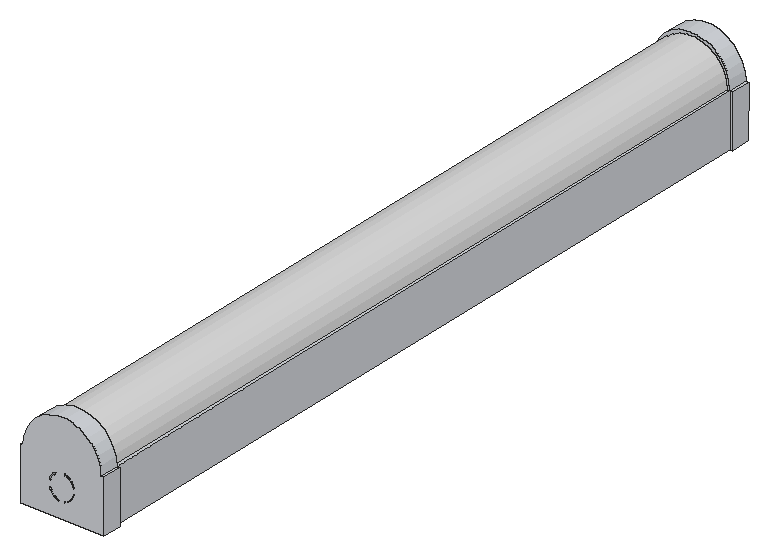
Revit family "WayLine_672", category Lighting Fixtures, host Face, Revit 2017
Family settings
  Host = Face
  Round Connector Dimension = Use Diameter
  Part Type = Normal
  OmniClass Number = 23.80.70.00
  OmniClass Title = Lighting
  Cut with Voids When Loaded = No
  Light Source = Yes
  Shared = No
  Room Calculation Point = No
Parameters (values of type "0048951 WAYLINE 600 MWCOR 1200LM 840")
  Weight = "9.9 kg"
  Wattage Comments = ""
  Wattage = 10 W
  WarrantyStartDate [instance] = "n/a"
  WarrantyGuarantorParts = "n/a"
  WarrantyDurationUnit = "n/a"
  WarrantyDurationParts = "n/a"
  WarrantyDescription = "n/a"
  WIDTH/2_SYL = 35 mm
  built-in parameter 1150110 = 1 (stored number, unit not read)
  Voltage = 0 V
  URL = "http://www.sylvania-lighting.com"
  TypeName = "Wayline 600 MWCOR 1200lm 840"
  Type Image = <None>
  Type Comments = "n/a"
  built-in parameter 1114217 = 1 (stored number, unit not read)
  Tilt Angle = -90.00°
  built-in parameter 1150109 = 1 (stored number, unit not read)
  built-in parameter 1150134 = 12
  built-in parameter 1150113 = 1 (stored number, unit not read)
  SerialNumber [instance] = "n/a"
  R_HEIGHT_SYL = 44 mm
  Photometric Web File = "0048951.ies"
  Material_3_SYL = none
  PowerFactor = 0.9
  PowerConsumption = "10 W"
  NominalLength = 672 mm
  NominalHeight = 76.5 mm
  NominalDepth = 70 mm
  Name = "Wayline 600 MWCOR 1200lm 840"
  ModelReference = Name  # "Wayline 600 MWCOR 1200lm 840"
  ModelNumber = "48951"
  Model = Name  # "Wayline 600 MWCOR 1200lm 840"
  Material = "steel housing, pc polycarbonate diffuser"
  ManufacturerName = "Feilo Sylvania"
  Manufacturer = "Feilo Sylvania"
  LuminousEfficacy = "120 lm/W"
  built-in parameter 1150105 = -372924 (stored number, unit not read)
  Lumens = 1200 lm
  LuminaireType = ""
  built-in parameter 1150115 = 1 (stored number, unit not read)
  LightOutputRatio = "n/a"
  built-in parameter 1150137 = (empty or 0)
  built-in parameter 1150139 = (empty or 0)
  LampsType = Lamp  # "LED"
  LampNominalLuminous = "1200 lm"
  LampMacAdamStep = "5"
  LampColourTemperature = "4000 K"
  LampColourRenderingIndex = "80"
  built-in parameter 1150112 = 1 (stored number, unit not read)
  built-in parameter 1150114 = 1 (stored number, unit not read)
  Lamp = "LED"
  LUM_R_SYL = 30 mm
  Keynote = "16500"
  InstallationDate [instance] = "n/a"
  InputVoltage = "n/a"
  InputNominalFrequency = "n/a"
  built-in parameter 1150132 = (empty or 0)
  built-in parameter 1150102 = (empty or 0)
  built-in parameter 1150107 = 4000 (stored number, unit not read)
  built-in parameter 1150138 = (empty or 0)
  IngressProtection = "IP20"
  ImpactProtectionIndex = "IK08"
  built-in parameter 1150106 = -3729.2 (stored number, unit not read)
  IfcExportType = "IfcLightFixtureType"
  IfcExportAs = "IfcLightFixtureType"
  HOLE_HEIGHT_SYL = 24 mm
  HEIGHT_SYL = 76.5 mm
  GAP_SYL = 2.5 mm
  Emit from Circle Diameter = 609.6 mm
  Emit Shape Visible in Rendering = no
  ElectricShockClassification = "Class I"
  built-in parameter 1150104 = 11.148 (stored number, unit not read)
  DocumentationLiterature = "http://www.sylvania-lighting.com/product/en-int/products/0048951"
  DimmingControlOptions = "n/a"
  Material_2_SYL = none
  Dimming Lamp Color Temperature Shift = <None>
  Description = "LED batten, T8 replacement, ease of installation through 2 part push-in design of the housing (safety cable included), through wiring capability, steel housing, 1200lm, 10W, 120lm/W, 4000K, CRI80, 3 step MacAdam ellipse, symmetric wide beam angle, Class I, 90000 hrs L80B20 lifespan, non-dimmable driver, corridor function with microwave presence sensor, IK08, IP20, 672 x 70 x 76.5mm  (L x W x H) dimensions, 1.1kg."
  Default Elevation = 1219.2 mm
  CreatedOn = "5/25/2021"
  CreatedBy = "@sylvania-lighting.com"
  Cost = 0
  Color Filter = 16777215
  built-in parameter 1114216 [instance] = (empty or 0)
  ClassificationValue = "EF_70_80"
  ClassificationName = "Uniclass2015"
  Material_1_SYL = Dynamo
  BarCode [instance] = "n/a"
  built-in parameter 1114218 = 1 (stored number, unit not read)
  built-in parameter 1150133 = 10 (stored number, unit not read)
  AssetType = "Fixed"
  AssetIdentifier [instance] = "n/a"
  Assembly Code = "D5020200"
  Apparent Load = 10 VA
  Material_4_SYL = none
Types (6, lengths in mm): name | Weight | Wattage | TypeName | Photometric Web File | PowerConsumption | Name | ModelReference | ModelNumber | Model | LuminousEfficacy | built-in parameter 1150105 | Lumens | LampNominalLuminous | built-in parameter 1150106 | built-in parameter 1150104 | DocumentationLiterature | Description | Apparent Load
  0048951 WAYLINE 600 MWCOR 1200LM 840 | "9.9 kg" | 10 W | "Wayline 600 MWCOR 1200lm 840" | "0048951.ies" | "10 W" | "Wayline 600 MWCOR 1200lm 840" | "Wayline 600 MWCOR 1200lm 840" | "48951" | "Wayline 600 MWCOR 1200lm 840" | "120 lm/W" | -372924 (stored number, unit not read) | 1200 lm | "1200 lm" | -3729.2 (stored number, unit not read) | 11.148 (stored number, unit not read) | "http://www.sylvania-lighting.com/product/en-int/products/0048951" | "LED batten, T8 replacement, ease of installation through 2 part push-in design of the housing (safety cable included), through wiring capability, steel housing, 1200lm, 10W, 120lm/W, 4000K, CRI80, 3 step MacAdam ellipse, symmetric wide beam angle, Class I, 90000 hrs L80B20 lifespan, non-dimmable driver, corridor function with microwave presence sensor, IK08, IP20, 672 x 70 x 76.5mm  (L x W x H) dimensions, 1.1kg." | 10 VA
  0048950 WAYLINE 600 MW 2900LM 840 | "8.28 kg" | 22 W | "Wayline 600 MW 2900lm 840" | "0048950.ies" | "22 W" | "Wayline 600 MW 2900lm 840" | "Wayline 600 MW 2900lm 840" | "48950" | "Wayline 600 MW 2900lm 840" | "132 lm/W" | -2183053 (stored number, unit not read) | 2904 lm | "2900 lm" | -21830.5 (stored number, unit not read) | 12.263 (stored number, unit not read) | "http://www.sylvania-lighting.com/product/en-int/products/0048950" | "LED batten, T8 replacement, ease of installation through 2 part push-in design of the housing (safety cable included), through wiring capability, steel housing, 2900lm, 22W, 132lm/W, 4000K, CRI80, 3 step MacAdam ellipse, symmetric wide beam angle, Class I, 90000 hrs L80B20 lifespan, non-dimmable driver, MW sensor for 360° detection up to 8m range at 6m mounting height, IK08, IP20, 672 x 70 x 76.5mm (LxWxD) dimensions, 0.92kg weight." | 22 VA
  0048949 WAYLINE 600 MW 1200LM 840 | "7.83 kg" | 10 W | "Wayline 600 MW 1200lm 840" | "0048949.ies" | "10 W" | "Wayline 600 MW 1200lm 840" | "Wayline 600 MW 1200lm 840" | "48949" | "Wayline 600 MW 1200lm 840" | "120 lm/W" | -372924 (stored number, unit not read) | 1200 lm | "1200 lm" | -3729.2 (stored number, unit not read) | 11.148 (stored number, unit not read) | "http://www.sylvania-lighting.com/product/en-int/products/0048949" | "LED batten, T8 replacement, ease of installation through 2 part push-in design of the housing (safety cable included), through wiring capability, steel housing, 1200lm, 10W, 120lm/W, 4000K, CRI80, 3 step MacAdam ellipse, symmetric wide beam angle, Class I, 90000 hrs L80B20 lifespan, non-dimmable driver, MW sensor for 360° detection up to 8m range at 6m mounting height, IK08, IP20, 672 x 70 x 76.5mm (LxWxD) dimensions, 0.87kg weight." | 10 VA
  0048923 WAYLINE 600 DALI 2600LM 840 | "9.27 kg" | 19 W | "Wayline 600 DALI 2600lm 840" | "0048923.ies" | "19 W" | "Wayline 600 DALI 2600lm 840" | "Wayline 600 DALI 2600lm 840" | "48923" | "Wayline 600 DALI 2600lm 840" | "137 lm/W" | -1754343.9 (stored number, unit not read) | 2603 lm | "2600 lm" | -17543.4 (stored number, unit not read) | 12.728 (stored number, unit not read) | "http://www.sylvania-lighting.com/product/en-int/products/0048923" | "LED batten, T8 replacement, ease of installation through 2 part push-in design of the housing (safety cable included), through wiring capability, steel housing, 2600lm, 19W, 137lm/W, 4000K, CRI80, 3 step MacAdam ellipse, symmetric wide beam angle, Class I, 90000 hrs L80B20 lifespan, DALI dimmable driver, IK08, IP20, 672 x 70 x 76.5mm (LxWxD) dimensions, 1.03kg weight." | 19 VA
  0048922 WAYLINE 600 DALI 1200LM 840 | "9.27 kg" | 9 W | "Wayline 600 DALI 1200lm 840" | "0048922.ies" | "9 W" | "Wayline 600 DALI 1200lm 840" | "Wayline 600 DALI 1200lm 840" | "48922" | "Wayline 600 DALI 1200lm 840" | "133 lm/W" | -371991.7 (stored number, unit not read) | 1197 lm | "1200 lm" | -3719.9 (stored number, unit not read) | 12.356 (stored number, unit not read) | "http://www.sylvania-lighting.com/product/en-int/products/0048922" | "LED batten, T8 replacement, ease of installation through 2 part push-in design of the housing (safety cable included), through wiring capability, steel housing, 1200lm, 9W, 133lm/W, 4000K, CRI80, 3 step MacAdam ellipse, symmetric wide beam angle, Class I, 90000 hrs L80B20 lifespan, DALI dimmable driver, IK08, IP20, 672 x 70 x 76.5mm (LxWxD) dimensions, 1.03kg weight." | 9 VA
  0048952 WAYLINE 600 MWCOR 2600LM 840 | "9.9 kg" | 20 W | "Wayline 600 MWCOR 2600lm 840" | "0048952.ies" | "20 W" | "Wayline 600 MWCOR 2600lm 840" | "Wayline 600 MWCOR 2600lm 840" | "48952" | "Wayline 600 MWCOR 2600lm 840" | "130 lm/W" | -1752322 (stored number, unit not read) | 2600 lm | "2600 lm" | -17523.2 (stored number, unit not read) | 12.077 (stored number, unit not read) | "http://www.sylvania-lighting.com/product/en-int/products/0048952" | "LED batten, T8 replacement, ease of installation through 2 part push-in design of the housing (safety cable included), through wiring capability, steel housing, 2600lm, 20W, 130lm/W, 4000K, CRI80, 3 step MacAdam ellipse, symmetric wide beam angle, Class I, 90000 hrs L80B20 lifespan, non-dimmable driver, corridor function with microwave presence sensor, IK08, IP20, 672 x 70 x 76.5mm  (L x W x H) dimensions, 1.1kg." | 20 VA
Reference planes
  plane 1 "Center (Front/Back)": y = 0
  plane 2: z = 0
  plane 3 "Center (Left/Right)": x = 0
  plane 4: z = 76.5
  plane 5: x = -35
  plane 6: x = 35
  plane 7: z = 44
  plane 8: x = -32.5
  plane 9: x = 32.5
  plane 10: z = 24
  plane 11: x = 2.5
  plane 12: x = -2.5
  plane 13: z = 26.5
  plane 14: z = 21.5
  plane 15: z = 74
Forms (mm)
  Extrusion 1, solid
    sketch origin (0, 0, 0) x (1, 0, 0) y (0, 0, 1)
      loop
        arc (32.5, 44) -> (0, 76.5) -> (-32.5, 44) r 32.5
        line (-32.5, 44) -> (-35, 44) -> (-35, 0) -> (35, 0) -> (35, 44) -> (32.5, 44)
      loop
        line (2.5, 34.712) -> (2.5, 33.682)
        arc (2.5, 33.682) -> (7.071, 31.071) -> (9.682, 26.5) r 10
        line (9.682, 26.5) -> (10.712, 26.5)
        arc (10.712, 26.5) -> (7.778, 31.778) -> (2.5, 34.712) r 11
      loop
        line (-2.5, 33.682) -> (-2.5, 34.712)
        arc (-2.5, 34.712) -> (-7.778, 31.778) -> (-10.712, 26.5) r 11
        line (-10.712, 26.5) -> (-9.682, 26.5)
        arc (-9.682, 26.5) -> (-7.071, 31.071) -> (-2.5, 33.682) r 10
      loop
        line (-9.682, 21.5) -> (-10.712, 21.5)
        arc (-10.712, 21.5) -> (-7.778, 16.222) -> (-2.5, 13.288) r 11
        line (-2.5, 13.288) -> (-2.5, 14.318)
        arc (-2.5, 14.318) -> (-7.071, 16.929) -> (-9.682, 21.5) r 10
      loop
        line (2.5, 14.318) -> (2.5, 13.288)
        arc (2.5, 13.288) -> (7.778, 16.222) -> (10.712, 21.5) r 11
        line (10.712, 21.5) -> (9.682, 21.5)
        arc (9.682, 21.5) -> (7.071, 16.929) -> (2.5, 14.318) r 10
    from 320 to 336
  Extrusion 2, solid, material "Dynamo" <- "Material_1_SYL"
    sketch origin (0, 0, 0) x (1, 0, 0) y (0, 0, 1)
      loop
        line (-30, 44) -> (30, 44)
        arc (30, 44) -> (0, 74) -> (-30, 44) r 30
    from -320 to 320
  Extrusion 3, solid
    sketch origin (0, 0, 0) x (1, 0, 0) y (0, 0, 1)
      loop
        line (-32.5, 44) -> (-32.5, 0) -> (32.5, 0) -> (32.5, 44) -> (-32.5, 44)
    from -320 to 320
  Extrusion 4, solid
    sketch origin (0, 0, 0) x (1, 0, 0) y (0, 0, -1)
      loop
        line (32.5, -44) -> (35, -44) -> (35, 0) -> (-35, 0) -> (-35, -44) -> (-32.5, -44)
        arc (-32.5, -44) -> (0, -76.5) -> (32.5, -44) r 32.5
      loop
        arc (2.5, -34.712) -> (7.778, -31.778) -> (10.712, -26.5) r 11
        line (10.712, -26.5) -> (9.682, -26.5)
        arc (9.682, -26.5) -> (7.071, -31.071) -> (2.5, -33.682) r 10
        line (2.5, -33.682) -> (2.5, -34.712)
      loop
        arc (-2.5, -33.682) -> (-7.071, -31.071) -> (-9.682, -26.5) r 10
        line (-9.682, -26.5) -> (-10.712, -26.5)
        arc (-10.712, -26.5) -> (-7.778, -31.778) -> (-2.5, -34.712) r 11
        line (-2.5, -34.712) -> (-2.5, -33.682)
      loop
        arc (-9.682, -21.5) -> (-7.071, -16.929) -> (-2.5, -14.318) r 10
        line (-2.5, -14.318) -> (-2.5, -13.288)
        arc (-2.5, -13.288) -> (-7.778, -16.222) -> (-10.712, -21.5) r 11
        line (-10.712, -21.5) -> (-9.682, -21.5)
      loop
        arc (2.5, -14.318) -> (7.071, -16.929) -> (9.682, -21.5) r 10
        line (9.682, -21.5) -> (10.712, -21.5)
        arc (10.712, -21.5) -> (7.778, -16.222) -> (2.5, -13.288) r 11
        line (2.5, -13.288) -> (2.5, -14.318)
    from 320 to 336
Dimensions and locks
  "HEIGHT_SYL": plane 4 to host face
  "WIDTH/2_SYL": plane 6 to plane 3 "Center (Left/Right)" to plane 5
  "R_HEIGHT_SYL": plane 7 to host face
  "GAP_SYL": plane 8 to plane 5
  "GAP_SYL": plane 6 to plane 9
  "HOLE_HEIGHT_SYL": plane 10 to host face
  "GAP_SYL": plane 13 to plane 10 to plane 14
  "GAP_SYL": plane 11 to plane 3 "Center (Left/Right)" to plane 12
  "LUM_R_SYL": plane 15 to plane 7
  aligned and locked: plane 2 to host face
  aligned and locked: level to host face
Automatic sketch dimensions
  host sketch curve to host sketch curve = 2438.4 mm  (x2)
  Extrusion 1 sketch curve to Extrusion 1 sketch curve = 0 mm  (x58)
  Extrusion 1 sketch curve to level = 0 mm
  Extrusion 1 sketch curve to plane 5 = 0 mm
  Extrusion 1 sketch curve to plane 7 = 0 mm
  Extrusion 1 sketch curve to plane 8 = 0 mm
  Extrusion 1 sketch curve to plane 13 = 0 mm  (x2)
  Extrusion 1 sketch curve to plane 14 = 0 mm  (x2)
  Extrusion 1 sketch curve to plane 12 = 0 mm  (x2)
  Extrusion 1 sketch curve to plane 3 "Center (Left/Right)" = 0 mm  (x2)
  Extrusion 1 sketch curve to plane 11 = 0 mm  (x2)
  Extrusion 1 sketch curve to plane 6 = 0 mm
  Extrusion 1 sketch curve to plane 10 = 0 mm
  Extrusion 1 sketch curve to plane 12 = 8.212 mm
  Extrusion 1 sketch curve to Extrusion 1 sketch curve = 1.03 mm  (x4)
  plane 11 to Extrusion 1 sketch curve = 7.182 mm
  Extrusion 2 sketch curve to plane 7 = 0 mm
  Extrusion 2 sketch curve to plane 3 "Center (Left/Right)" = 0 mm
  plane 8 to Extrusion 2 sketch curve = 2.5 mm
  Extrusion 3 sketch curve to level = 0 mm
  Extrusion 3 sketch curve to plane 8 = 0 mm
  Extrusion 3 sketch curve to plane 9 = 0 mm
  Extrusion 3 sketch curve to plane 7 = 0 mm
  Extrusion 4 sketch curve to Extrusion 4 sketch curve = 0 mm  (x58)
  Extrusion 4 sketch curve to level = 0 mm
  Extrusion 4 sketch curve to plane 5 = 0 mm
  Extrusion 4 sketch curve to plane 7 = 0 mm
  Extrusion 4 sketch curve to plane 8 = 0 mm
  Extrusion 4 sketch curve to plane 13 = 0 mm  (x2)
  Extrusion 4 sketch curve to plane 14 = 0 mm  (x2)
  Extrusion 4 sketch curve to plane 12 = 0 mm  (x2)
  Extrusion 4 sketch curve to plane 3 "Center (Left/Right)" = 0 mm  (x2)
  Extrusion 4 sketch curve to plane 11 = 0 mm  (x2)
  Extrusion 4 sketch curve to plane 6 = 0 mm
  Extrusion 4 sketch curve to plane 10 = 0 mm
  Extrusion 4 sketch curve to plane 12 = 8.212 mm
  Extrusion 4 sketch curve to Extrusion 4 sketch curve = 1.03 mm  (x4)
  plane 11 to Extrusion 4 sketch curve = 7.182 mm
Connectors
  electrical at (0, -336, 29.333)
    settings: on Extrusion 1, index 1, voltage 0 V, apparent load 0 VA, apparent load phase1 0 VA, apparent load phase2 0 VA, apparent load phase3 0 VA, power factor 1, load classification "Other", number of poles 1, system type 31, power factor state 1, is connector primary yes, connector utility no, sub classification motor no, connector description ""
